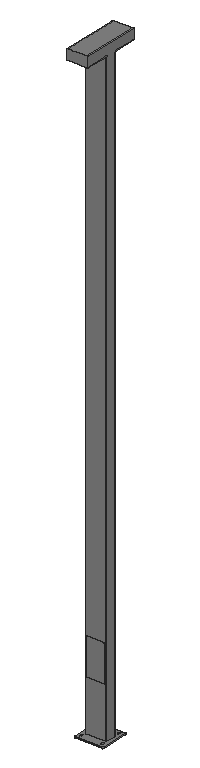
Revit family "Супремус В", category Осветительные приборы, Revit 2019 (continued)
Automatic sketch dimensions
  Extrusion 4 sketch curve to plane 23 = 0 mm
  plane 23 to Extrusion 4 sketch curve = 5 mm
  Extrusion 4 sketch curve to plane 3 "По центру (Влево/Вправо)" = 84 mm
  plane 3 "По центру (Влево/Вправо)" to Extrusion 4 sketch curve = 84 mm
  plane 21 to Extrusion 4 sketch curve = 5 mm
  Extrusion 1 sketch curve to plane 4 = 0 mm
  Extrusion 5 sketch curve to Sweep 3 = 30 mm
Nested families
  nested 1: "УГО план" at (0, 0, 0), type "УГО план"
Connectors
  electrical at (0, 0, 0), driven by "ADSK_Количество фаз", driven by "ADSK_Классификация нагрузок", driven by "ADSK_Напряжение", driven by "ADSK_Полная мощность"
    settings: on Extrusion 1, index 1, voltage 220 V, apparent load 0 VA, apparent load phase1 0 VA, apparent load phase2 0 VA, apparent load phase3 0 VA, power factor 1, load classification "Освещение", number of poles 2, system type 30, power factor state 1, is connector primary yes, connector utility no, sub classification motor no, connector description ""
  cabletrayconduit at (0, 0, 0), diameter 20, driven by "Короб_Диаметр"
    settings: on Extrusion 1, index 2, connector width 300 mm, connector height 300 mm, connector angle 0.00°, system type 32, placement type 0, profile type 0, connector reference index -1, is primary connector yes, connector utility param no, connector description ""
Definition of nested family "УГО план"
  Parameters (values of type "УГО план")
    Default Elevation = 1219.2 mm
    r_УГО = 250 mm
    l_Отступ линий = r_УГО * 0.52  # 130 mm
    d_УГО = r_УГО * 2  # 500 mm
  Reference planes
    plane 1 "По центру (Вперед/Назад)": y = 0
    plane 2: z = 0
    plane 3 "По центру (Влево/Вправо)": x = 0
    plane 4: y = 250
    plane 5: y = -250
    plane 6: x = -250
    plane 7: x = 250
    plane 8: x = -120
    plane 9: x = 120
  Lines and regions (mm)
    symbolic lines
      curve 1: circle (0, 0, 0) r 250 normal (0, 0, 1)
      curve 2: line (-120, 219.317, 0) -> (-120, -219.317, 0)
      curve 3: line (120, 219.317, 0) -> (120, -219.317, 0)
  Dimensions and locks
    equal spacing: plane 4, plane 1 "По центру (Вперед/Назад)", plane 5
    "d_УГО": plane 4 to plane 5
    equal spacing: plane 6, plane 3 "По центру (Влево/Вправо)", plane 7
    "d_УГО": plane 6 to plane 7
    "l_Отступ линий": plane 6 to plane 8
    "l_Отступ линий": plane 9 to plane 7
    "r_УГО": radius of curve 1
    aligned and locked: level to plane 2
    aligned and locked: plane 3 "По центру (Влево/Вправо)" to curve 1
    aligned and locked: plane 1 "По центру (Вперед/Назад)" to curve 1
    aligned and locked: curve 2 to plane 8
    aligned and locked: curve 3 to plane 9
Types (7, lengths in mm): name | Файл фотометрической сетки | built-in parameter 1150105 | Lumens | built-in parameter 1150106 | built-in parameter 1150142 | Wattage | L_общая рассеиватели | ADSK_Фактическая мощность | ADSK_Размер_Высота | ADSK_Номинальная мощность | ADSK_Наименование | ADSK_Масса_Текст | ADSK_Масса | ADSK_Артикул | 2
  (no name) | "DTU-121-AF Supremus B 60W 60°x130°.ies" | 909.18 (stored number, unit not read) | 13200 lm | 9.0918 (stored number, unit not read) | "IESNA:LM-63-1995\r\n[TEST]\t\tALF\r\n[MANUFAC]\tALFRESCO\r\n[LUMCAT]\tDTU-121-AF\r\n[LUMINAIRE]\tDTU-121-AF Supremus B 60W 60°x130°\r\n[LAMP]\t\tOsram_Duris_S8\r\n[DATE]\t\t\r\n[OTHER]\t\t\r\nTILT=NONE\r\n1 7011.0 7.011 361 72 1 2 0.23 0.10 0.00\r\n1.0 1 57.0\r\n0.0 0.5 1.0 1.5 2.0 2.5 3.0 3.5 4.0 4.5 5.0 5.5 6.0 6.5 7.0 7.5 8.0 8.5 9.0 9.5 10.0 10.5 11.0 11.5 12.0 12.5 13.0 13.5 14.0 14.5\r\n 15.0 15.5 16.0 16.5 17.0 17.5 18.0 18.5 19.0 19.5 20.0 20.5 21.0 21.5 22.0 22.5 23.0 23.5 24.0 24.5 25.0 25.5 26.0 26.5 27.0 27.5\r\n 28.0 28.5 29.0 29.5 30.0 30.5 31.0 31.5 32.0 32.5 33.0 33.5 34.0 34.5 35.0 35.5 36.0 36.5 37.0 37.5 38.0 38.5 39.0 39.5 40.0 40.5\r\n 41.0 41.5 42.0 42.5 43.0 43.5 44.0 44.5 45.0 45.5 46.0 46.5 47.0 47.5 48.0 48.5 49.0 49.5 50.0 50.5 51.0 51.5 52.0 52.5 53.0 53.5\r\n 54.0 54.5 55.0 55.5 56.0 56.5 57.0 57.5 58.0 58.5 59.0 59.5 60.0 60.5 61.0 61.5 62.0 62.5 63.0 63.5 64.0 64.5 65.0 65.5 66.0 66.5\r\n 67.0 67.5 68.0 68.5 69.0 69.5 70.0 70.5 71.0 71.5 72.0 72.5 73.0 73.5 74.0 74.5 75.0 75.5 76.0 76.5 77.0 77.5 78.0 78.5 79.0 79.5\r\n 80.0 80.5 81.0 81.5 82.0 82.5 83.0 83.5 84.0 84.5 85.0 85.5 86.0 86.5 87.0 87.5 88.0 88.5 89.0 89.5 90.0 90.5 91.0 91.5 92.0 92.5\r\n 93.0 93.5 94.0 94.5 95.0 95.5 96.0 96.5 97.0 97.5 98.0 98.5 99.0 99.5 100.0 100.5 101.0 101.5 102.0 102.5 103.0 103.5 104.0 104.5\r\n 105.0 105.5 106.0 106.5 107.0 107.5 108.0 108.5 109.0 109.5 110.0 110.5 111.0 111.5 112.0 112.5 113.0 113.5 114.0 114.5 115.0\r\n 115.5 116.0 116.5 117.0 117.5 118.0 118.5 119.0 119.5 120.0 120.5 121.0 121.5 122.0 122.5 123.0 123.5 124.0 124.5 125.0 125.5\r\n 126.0 126.5 127.0 127.5 128.0 128.5 129.0 129.5 130.0 130.5 131.0 131.5 132.0 132.5 133.0 133.5 134.0 134.5 135.0 135.5 136.0\r\n 136.5 137.0 137.5 138.0 138.5 139.0 139.5 140.0 140.5 141.0 141.5 142.0 142.5 143.0 143.5 144.0 144.5 145.0 145.5 146.0 146.5\r\n 147.0 147.5 148.0 148.5 149.0 149.5 150.0 150.5 151.0 151.5 152.0 152.5 153.0 153.5 154.0 154.5 155.0 155.5 156.0 156.5 157.0\r\n 157.5 158.0 158.5 159.0 159.5 160.0 160.5 161.0 161.5 162.0 162.5 163.0 163.5 164.0 164.5 165.0 165.5 166.0 166.5 167.0 167.5\r\n 168.0 168.5 169.0 169.5 170.0 170.5 171.0 171.5 172.0 172.5 173.0 173.5 174.0 174.5 175.0 175.5 176.0 176.5 177.0 177.5 178.0\r\n 178.5 179.0 179.5 180.0\r\n0.0 5.0 10.0 15.0 20.0 25.0 30.0 35.0 40.0 45.0 50.0 55.0 60.0 65.0 70.0 75.0 80.0 85.0 90.0 95.0 100.0 105.0 110.0 115.0 120.0\r\n 125.0 130.0 135.0 140.0 145.0 150.0 155.0 160.0 165.0 170.0 175.0 180.0 185.0 190.0 195.0 200.0 205.0 210.0 215.0 220.0 225.0\r\n 230.0 235.0 240.0 245.0 250.0 255.0 260.0 265.0 270.0 275.0 280.0 285.0 290.0 295.0 300.0 305.0 310.0 315.0 320.0 325.0 330.0\r\n 335.0 340.0 345.0 350.0 355.0 360.0\r\n275.6 275.6 275.4 275.4 275.1 275.0 274.6 274.5 274.0 273.6 273.1 272.6 272.1 271.6 271.2 270.5 269.9 269.3 268.8 268.0 267.4\r\n 266.9 266.3 265.6 265.0 264.5 264.1 263.6 263.2 263.0 262.7 262.5 262.4 262.4 262.3 262.4 262.5 262.8 263.1 263.2 263.6 264.1\r\n 264.6 265.1 265.7 266.3 266.8 267.5 268.0 268.6 269.3 270.0 270.6 271.4 272.2 272.9 274.0 274.8 275.8 276.8 277.9 279.0 280.1\r\n 281.1 282.3 283.5 284.7 286.1 287.2 288.5 289.8 291.2 292.5 294.0 295.6 296.9 298.3 299.9 301.1 302.3 303.8 305.3 307.0 309.2\r\n 310.7 312.1 313.4 315.4 317.5 318.3 318.9 319.8 320.8 321.9 322.8 323.7 324.9 326.2 327.1 328.4 329.9 331.5 333.0 334.7 336.5\r\n 338.5 340.6 342.9 345.1 347.3 349.5 351.3 352.7 353.8 354.6 355.1 355.0 354.6 353.9 353.3 352.9 352.1 350.9 350.0 348.7 346.8\r\n 343.7 340.1 336.0 332.0 328.1 323.5 318.6 314.1 309.6 304.7 300.3 295.5 290.9 286.8 283.6 281.0 278.4 276.0 271.5 265.0 257.4\r\n 247.6 235.1 220.3 205.5 189.6 171.6 151.8 130.1 108.8 90.3 73.3 59.4 45.5 31.5 24.0 18.8 15.4 13.3 11.9 10.7 9.6 8.8 7.9 7.1 6.4\r\n 5.7 5.1 4.4 3.8 3.2 2.6 2.3 2.0 2.0 2.0 2.0 2.0 1.8 1.8 1.6 1.5 1.3 1.1 1.1 1.0 0.9 0.9 0.9 0.9 0.9 0.9 1.0 1.0 1.0 0.0 0.0 0.0\r\n 0.0 0.0 0.0 0.0 0.0 0.0 0.0 0.0 0.0 0.0 0.0 0.0 0.0 0.0 0.0 0.0 0.0 0.0 0.0 0.0 0.0 0.0 0.0 0.0 0.0 0.0 0.0 0.0 0.0 0.0 0.0 0.0\r\n 0.0 0.0 0.0 0.0 0.0 0.0 0.0 0.0 0.0 0.0 0.0 0.0 0.0 0.0 0.0 0.0 0.0 0.0 0.0 0.0 0.0 0.0 0.0 0.0 0.0 0.0 0.0 0.0 0.0 0.0 0.0 0.0\r\n 0.0 0.0 0.0 0.0 0.0 0.0 0.0 0.0 0.0 0.0 0.0 0.0 0.0 0.0 0.0 0.0 0.0 0.0 0.0 0.0 0.0 0.0 0.0 0.0 0.0 0.0 0.0 0.0 0.0 0.0 0.0 0.0\r\n 0.0 0.0 0.0 0.0 0.0 0.0 0.0 0.0 0.0 0.0 0.0 0.0 0.0 0.0 0.0 0.0 0.0 0.0 0.0 0.0 0.0 0.0 0.0 0.0 0.0 0.0 0.0 0.0 0.0 0.0 0.0 0.0\r\n 0.0 0.0 0.0 0.0 0.0 0.0 0.0 0.0 0.0 0.0 0.0 0.0 0.0 0.0 0.0 0.0 0.0 0.0 0.0 0.0 0.0 0.0 0.0 0.0 0.0 0.0 0.0 0.0 0.0\r\n275.6 275.8 276.0 276.1 276.0 276.0 276.0 275.8 275.6 275.4 275.2 275.0 274.6 274.4 274.0 273.7 273.1 272.7 272.5 272.2 271.6\r\n 271.3 270.9 270.4 270.1 269.8 269.6 269.5 269.4 269.3 269.3 269.3 269.5 269.6 269.9 270.2 270.3 270.5 271.1 271.7 272.2 272.8\r\n 273.5 274.2 274.8 275.5 276.2 276.9 277.6 278.4 279.1 279.8 280.4 281.3 282.1 283.0 284.0 284.8 285.9 287.0 288.1 289.3 290.2\r\n 291.4 292.5 294.0 295.3 296.4 297.8 299.2 300.5 301.9 303.5 305.3 306.9 308.6 310.5 312.2 314.0 316.1 318.2 320.4 322.7 325.4\r\n 327.9 330.2 332.3 335.0 337.3 338.6 339.9 341.3 342.8 344.4 345.3 346.3 347.8 349.5 351.3 353.4 355.6 358.0 360.0 362.1 364.4\r\n 366.6 368.9 371.0 373.3 375.5 377.8 379.6 381.5 382.8 383.9 384.9 385.4 385.3 385.1 385.1 384.7 384.1 382.7 381.0 378.8 376.3\r\n 373.0 368.5 363.7 358.7 353.8 348.2 342.3 336.7 330.6 324.5 319.0 314.1 310.2 306.7 304.3 302.4 300.6 298.2 293.4 286.7 277.8\r\n 266.5 251.9 234.3 216.2 198.9 180.1 159.7 138.7 117.6 96.5 78.5 62.9 47.8 36.5 28.1 21.8 17.8 15.1 13.2 11.7 10.5 9.5 8.6 7.6 6.8\r\n 6.1 5.5 4.9 4.5 4.0 3.5 3.0 2.5 2.3 2.2 2.0 1.9 1.7 1.6 1.5 1.4 1.2 1.0 1.0 0.9 0.8 0.8 0.8 0.9 0.9 0.9 0.9 0.9 1.0 0.0 0.0 0.0\r\n 0.0 0.0 0.0 0.0 0.0 0.0 0.0 0.0 0.0 0.0 0.0 0.0 0.0 0.0 0.0 0.0 0.0 0.0 0.0 0.0 0.0 0.0 0.0 0.0 0.0 0.0 0.0 0.0 0.0 0.0 0.0 0.0\r\n 0.0 0.0 0.0 0.0 0.0 0.0 0.0 0.0 0.0 0.0 0.0 0.0 0.0 0.0 0.0 0.0 0.0 0.0 0.0 0.0 0.0 0.0 0.0 0.0 0.0 0.0 0.0 0.0 0.0 0.0 0.0 0.0\r\n 0.0 0.0 0.0 0.0 0.0 0.0 0.0 0.0 0.0 0.0 0.0 0.0 0.0 0.0 0.0 0.0 0.0 0.0 0.0 0.0 0.0 0.0 0.0 0.0 0.0 0.0 0.0 0.0 0.0 0.0 0.0 0.0\r\n 0.0 0.0 0.0 0.0 0.0 0.0 0.0 0.0 0.0 0.0 0.0 0.0 0.0 0.0 0.0 0.0 0.0 0.0 0.0 0.0 0.0 0.0 0.0 0.0 0.0 0.0 0.0 0.0 0.0 0.0 0.0 0.0\r\n 0.0 0.0 0.0 0.0 0.0 0.0 0.0 0.0 0.0 0.0 0.0 0.0 0.0 0.0 0.0 0.0 0.0 0.0 0.0 0.0 0.0 0.0 0.0 0.0 0.0 0.0 0.0 0.0 0.0\r\n275.6 276.1 276.5 276.7 276.9 277.1 277.2 277.4 277.5 277.4 277.4 277.4 277.3 277.2 277.0 277.0 276.8 276.7 276.7 276.6 276.4\r\n 276.2 276.1 276.0 275.9 276.0 276.1 276.2 276.4 276.6 276.9 277.2 277.6 278.0 278.5 278.7 279.2 279.7 280.4 281.3 281.9 282.7\r\n 283.7 284.4 285.3 286.3 287.0 288.1 289.0 289.8 290.7 291.6 292.4 293.5 294.4 295.4 296.4 297.5 298.5 299.6 300.8 301.9 303.1\r\n 304.1 305.5 306.8 308.2 309.5 311.0 312.6 314.2 315.9 317.7 319.5 321.7 323.9 326.0 328.4 330.6 333.0 335.8 338.6 341.5 344.9\r\n 348.0 350.8 353.8 357.6 359.8 361.7 363.6 365.7 367.6 369.1 370.7 372.2 373.9 375.9 378.3 380.3 382.6 384.7 386.8 388.8 390.9\r\n 393.4 395.9 398.6 401.8 405.1 408.0 410.1 412.3 414.2 415.4 416.7 418.1 418.9 418.6 418.2 417.3 415.9 413.1 409.5 405.5 400.6\r\n 395.6 389.1 381.5 374.1 367.2 360.6 353.6 346.5 339.9 332.8 326.5 321.5 317.8 315.1 313.2 311.4 309.6 307.5 303.5 296.2 286.7\r\n 274.5 259.0 241.1 222.7 204.6 186.2 166.7 146.6 124.5 102.4 83.0 66.8 54.4 42.0 34.0 27.7 23.0 19.7 17.4 15.4 13.7 12.2 10.8 9.5\r\n 8.4 7.5 6.7 6.0 5.4 4.7 4.0 3.2 2.8 2.7 2.5 2.3 2.2 1.9 1.7 1.4 1.3 1.1 1.0 0.9 0.9 0.8 0.8 0.8 0.8 0.8 0.8 0.9 0.9 0.9 0.0 0.0\r\n 0.0 0.0 0.0 0.0 0.0 0.0 0.0 0.0 0.0 0.0 0.0 0.0 0.0 0.0 0.0 0.0 0.0 0.0 0.0 0.0 0.0 0.0 0.0 0.0 0.0 0.0 0.0 0.0 0.0 0.0 0.0 0.0\r\n 0.0 0.0 0.0 0.0 0.0 0.0 0.0 0.0 0.0 0.0 0.0 0.0 0.0 0.0 0.0 0.0 0.0 0.0 0.0 0.0 0.0 0.0 0.0 0.0 0.0 0.0 0.0 0.0 0.0 0.0 0.0 0.0\r\n 0.0 0.0 0.0 0.0 0.0 0.0 0.0 0.0 0.0 0.0 0.0 0.0 0.0 0.0 0.0 0.0 0.0 0.0 0.0 0.0 0.0 0.0 0.0 0.0 0.0 0.0 0.0 0.0 0.0 0.0 0.0 0.0\r\n 0.0 0.0 0.0 0.0 0.0 0.0 0.0 0.0 0.0 0.0 0.0 0.0 0.0 0.0 0.0 0.0 0.0 0.0 0.0 0.0 0.0 0.0 0.0 0.0 0.0 0.0 0.0 0.0 0.0 0.0 0.0 0.0\r\n 0.0 0.0 0.0 0.0 0.0 0.0 0.0 0.0 0.0 0.0 0.0 0.0 0.0 0.0 0.0 0.0 0.0 0.0 0.0 0.0 0.0 0.0 0.0 0.0 0.0 0.0 0.0 0.0 0.0 0.0\r\n275.6 276.3 276.8 277.3 277.7 278.4 278.7 279.0 279.3 279.6 279.8 280.0 280.2 280.4 280.6 280.6 280.9 281.1 281.3 281.5 281.7\r\n 281.7 282.0 282.2 282.4 282.8 283.3 283.5 284.0 284.6 285.2 285.8 286.4 287.0 287.5 288.1 288.9 289.7 290.6 291.5 292.4 293.5\r\n 294.5 295.7 296.8 298.0 299.1 300.1 301.3 302.4 303.6 304.8 306.0 306.9 308.0 309.1 310.2 311.3 312.6 313.7 314.9 315.9 317.0\r\n 318.3 319.5 320.8 322.5 324.0 325.7 327.5 329.4 331.3 333.5 335.8 338.3 341.0 343.7 346.8 349.9 352.9 356.0 359.2 362.4 365.5\r\n 369.0 372.3 375.2 379.1 381.7 383.3 385.5 387.7 389.9 392.0 394.2 396.4 399.0 402.0 404.7 407.5 410.5 413.1 415.5 418.2 420.7\r\n 423.2 425.5 427.8 430.1 433.0 435.6 437.9 439.5 441.0 442.1 442.9 443.2 443.5 443.3 442.0 439.9 436.6 432.7 427.8 422.8 416.7\r\n 409.6 401.5 392.6 382.9 372.3 362.7 353.2 344.9 336.4 327.6 319.6 313.1 308.1 304.8 301.6 298.0 295.3 293.3 290.2 285.5 278.1\r\n 268.9 257.0 241.8 225.0 207.5 190.2 174.2 157.5 137.7 117.8 98.0 80.6 66.7 54.7 44.5 36.9 30.9 26.3 23.0 20.5 18.1 16.0 14.2 12.7\r\n 11.3 10.1 8.9 7.9 6.8 5.8 5.0 4.4 3.7 3.2 2.8 2.6 2.3 2.0 1.8 1.6 1.3 1.1 0.9 0.9 0.8 0.7 0.7 0.7 0.7 0.8 0.8 0.8 0.8 0.8 0.0 0.0\r\n 0.0 0.0 0.0 0.0 0.0 0.0 0.0 0.0 0.0 0.0 0.0 0.0 0.0 0.0 0.0 0.0 0.0 0.0 0.0 0.0 0.0 0.0 0.0 0.0 0.0 0.0 0.0 0.0 0.0 0.0 0.0 0.0\r\n 0.0 0.0 0.0 0.0 0.0 0.0 0.0 0.0 0.0 0.0 0.0 0.0 0.0 0.0 0.0 0.0 0.0 0.0 0.0 0.0 0.0 0.0 0.0 0.0 0.0 0.0 0.0 0.0 0.0 0.0 0.0 0.0\r\n 0.0 0.0 0.0 0.0 0.0 0.0 0.0 0.0 0.0 0.0 0.0 0.0 0.0 0.0 0.0 0.0 0.0 0.0 0.0 0.0 0.0 0.0 0.0 0.0 0.0 0.0 0.0 0.0 0.0 0.0 0.0 0.0\r\n 0.0 0.0 0.0 0.0 0.0 0.0 0.0 0.0 0.0 0.0 0.0 0.0 0.0 0.0 0.0 0.0 0.0 0.0 0.0 0.0 0.0 0.0 0.0 0.0 0.0 0.0 0.0 0.0 0.0 0.0 0.0 0.0\r\n 0.0 0.0 0.0 0.0 0.0 0.0 0.0 0.0 0.0 0.0 0.0 0.0 0.0 0.0 0.0 0.0 0.0 0.0 0.0 0.0 0.0 0.0 0.0 0.0 0.0 0.0 0.0 0.0 0.0 0.0\r\n275.6 276.5 277.1 277.9 278.7 279.3 279.9 280.5 281.1 281.6 282.1 282.5 283.0 283.5 283.9 284.5 285.0 285.7 286.2 286.8 287.3\r\n 287.7 288.4 289.0 289.4 290.0 290.8 291.5 292.2 293.1 293.9 294.5 295.1 295.9 296.6 297.3 298.2 299.0 299.9 301.0 302.0 303.2\r\n 304.4 305.8 306.9 308.4 309.5 310.9 312.5 313.6 314.9 316.1 317.3 318.2 319.1 320.2 321.2 322.3 323.2 324.2 325.2 326.4 327.8\r\n 328.8 330.2 331.6 333.3 335.0 336.9 338.8 341.0 343.3 345.6 348.3 351.3 354.7 358.0 361.5 364.6 367.8 370.9 374.4 377.8 381.6\r\n 385.5 389.2 392.6 396.5 399.8 401.8 404.5 407.2 409.6 411.9 414.3 417.0 419.9 422.6 425.3 428.1 431.1 434.1 437.0 440.0 443.1\r\n 446.3 449.4 452.9 455.6 458.1 460.2 462.0 463.3 463.7 463.4 462.6 461.1 458.9 456.5 453.6 449.6 444.6 438.6 432.3 425.5 418.1\r\n 409.8 400.5 391.0 379.6 368.1 355.7 343.7 332.8 322.6 313.7 304.8 296.6 289.6 284.2 280.3 277.1 274.0 270.8 267.2 263.5 258.3\r\n 251.5 241.9 230.0 216.6 201.9 186.4 171.2 157.1 142.6 126.2 108.2 90.7 76.1 64.7 54.8 45.0 38.2 32.8 28.6 25.1 22.3 19.7 17.3\r\n 15.4 13.6 11.9 10.4 9.1 7.8 6.8 5.7 4.7 4.1 3.6 3.2 2.9 2.7 2.3 2.0 1.7 1.5 1.3 1.2 0.9 0.8 0.7 0.7 0.7 0.7 0.7 0.7 0.7 0.7 0.7\r\n 0.0 0.0 0.0 0.0 0.0 0.0 0.0 0.0 0.0 0.0 0.0 0.0 0.0 0.0 0.0 0.0 0.0 0.0 0.0 0.0 0.0 0.0 0.0 0.0 0.0 0.0 0.0 0.0 0.0 0.0 0.0 0.0\r\n 0.0 0.0 0.0 0.0 0.0 0.0 0.0 0.0 0.0 0.0 0.0 0.0 0.0 0.0 0.0 0.0 0.0 0.0 0.0 0.0 0.0 0.0 0.0 0.0 0.0 0.0 0.0 0.0 0.0 0.0 0.0 0.0\r\n 0.0 0.0 0.0 0.0 0.0 0.0 0.0 0.0 0.0 0.0 0.0 0.0 0.0 0.0 0.0 0.0 0.0 0.0 0.0 0.0 0.0 0.0 0.0 0.0 0.0 0.0 0.0 0.0 0.0 0.0 0.0 0.0\r\n 0.0 0.0 0.0 0.0 0.0 0.0 0.0 0.0 0.0 0.0 0.0 0.0 0.0 0.0 0.0 0.0 0.0 0.0 0.0 0.0 0.0 0.0 0.0 0.0 0.0 0.0 0.0 0.0 0.0 0.0 0.0 0.0\r\n 0.0 0.0 0.0 0.0 0.0 0.0 0.0 0.0 0.0 0.0 0.0 0.0 0.0 0.0 0.0 0.0 0.0 0.0 0.0 0.0 0.0 0.0 0.0 0.0 0.0 0.0 0.0 0.0 0.0 0.0 0.0 0.0\r\n275.6 276.8 277.7 278.6 279.6 280.4 281.3 282.3 283.0 283.9 284.7 285.5 286.3 287.1 288.0 288.9 289.8 290.8 291.8 292.5 293.3\r\n 294.1 294.9 295.9 296.6 297.5 298.2 299.1 299.9 300.9 301.7 302.5 303.2 304.0 304.8 305.6 306.5 307.3 308.3 309.4 310.5 311.6\r\n 313.1 314.2 315.5 316.7 318.1 319.2 320.7 321.9 323.1 324.3 325.3 326.3 327.4 328.3 329.1 330.1 330.9 332.0 333.0 334.1 335.5\r\n 336.7 338.1 339.5 341.2 342.8 344.8 347.1 349.4 351.9 354.6 357.6 360.8 364.0 367.0 370.3 373.8 377.5 381.5 385.2 388.9 392.5\r\n 396.3 399.9 403.7 407.6 411.2 414.3 417.3 420.5 423.1 425.7 428.1 430.6 433.8 436.9 440.2 443.8 447.1 450.6 454.2 457.3 460.4\r\n 463.4 465.7 468.6 471.4 474.0 476.3 477.9 479.0 479.3 477.8 474.9 471.3 466.5 461.7 456.5 450.4 444.2 438.4 431.7 423.9 415.8\r\n 407.8 398.9 388.6 377.5 366.1 354.0 342.0 330.3 318.1 306.5 295.8 285.8 276.5 267.0 258.7 251.0 244.9 239.2 233.6 228.2 222.4\r\n 215.5 207.3 198.4 188.9 178.9 169.1 159.2 148.6 135.9 123.3 110.6 96.7 82.9 71.7 62.1 53.2 45.6 39.2 34.1 30.0 26.5 23.4 20.8\r\n 18.3 15.7 13.8 12.1 10.7 9.4 8.0 7.0 6.2 5.1 4.2 3.5 3.2 3.0 2.6 2.2 2.0 1.8 1.6 1.4 1.2 1.1 0.9 0.7 0.6 0.6 0.6 0.6 0.6 0.7 0.7\r\n 0.0 0.0 0.0 0.0 0.0 0.0 0.0 0.0 0.0 0.0 0.0 0.0 0.0 0.0 0.0 0.0 0.0 0.0 0.0 0.0 0.0 0.0 0.0 0.0 0.0 0.0 0.0 0.0 0.0 0.0 0.0 0.0\r\n 0.0 0.0 0.0 0.0 0.0 0.0 0.0 0.0 0.0 0.0 0.0 0.0 0.0 0.0 0.0 0.0 0.0 0.0 0.0 0.0 0.0 0.0 0.0 0.0 0.0 0.0 0.0 0.0 0.0 0.0 0.0 0.0\r\n 0.0 0.0 0.0 0.0 0.0 0.0 0.0 0.0 0.0 0.0 0.0 0.0 0.0 0.0 0.0 0.0 0.0 0.0 0.0 0.0 0.0 0.0 0.0 0.0 0.0 0.0 0.0 0.0 0.0 0.0 0.0 0.0\r\n 0.0 0.0 0.0 0.0 0.0 0.0 0.0 0.0 0.0 0.0 0.0 0.0 0.0 0.0 0.0 0.0 0.0 0.0 0.0 0.0 0.0 0.0 0.0 0.0 0.0 0.0 0.0 0.0 0.0 0.0 0.0 0.0\r\n 0.0 0.0 0.0 0.0 0.0 0.0 0.0 0.0 0.0 0.0 0.0 0.0 0.0 0.0 0.0 0.0 0.0 0.0 0.0 0.0 0.0 0.0 0.0 0.0 0.0 0.0 0.0 0.0 0.0 0.0 0.0 0.0\r\n275.6 276.9 278.1 279.3 280.4 281.6 282.6 283.9 285.1 286.2 287.2 288.6 289.6 290.9 292.1 293.5 294.5 295.9 297.0 298.0 298.9\r\n 300.1 301.1 302.1 303.0 303.8 304.7 305.8 306.9 307.7 308.6 309.4 310.2 311.1 311.7 312.4 313.3 314.1 315.2 316.3 317.5 318.7\r\n 320.0 321.4 322.9 324.0 325.4 326.6 327.8 328.8 329.8 330.7 331.5 332.4 333.2 334.0 335.0 335.6 336.4 337.7 338.3 339.4 340.6\r\n 341.8 343.0 344.5 345.9 347.8 349.7 352.1 354.5 357.1 360.0 363.2 366.4 369.5 372.7 375.8 379.2 382.5 386.2 389.8 392.9 396.3\r\n 399.6 403.4 407.6 412.4 416.8 420.7 424.4 428.7 432.0 434.6 437.4 440.2 443.4 447.0 451.0 454.6 458.2 461.2 464.1 467.4 470.9\r\n 474.5 477.9 480.3 482.1 482.9 482.6 481.5 480.4 479.0 476.8 473.5 469.4 464.3 458.9 453.1 447.3 440.2 432.1 424.6 416.8 408.5\r\n 399.1 389.3 379.7 369.3 358.1 346.1 333.5 321.0 308.5 295.5 282.5 270.1 257.5 244.9 232.9 221.4 209.8 198.6 188.4 180.3 172.3\r\n 164.8 157.7 151.2 144.3 136.7 128.2 119.8 111.6 103.1 94.0 84.8 75.9 67.6 60.5 53.6 47.1 41.0 35.9 31.7 28.0 24.8 21.9 19.5 17.1\r\n 14.9 13.0 11.4 10.0 8.6 7.6 6.8 6.1 5.2 4.5 4.1 3.8 3.5 3.1 2.7 2.4 2.1 2.0 1.7 1.5 1.2 1.0 0.9 0.8 0.7 0.6 0.5 0.4 0.3 0.1 0.0\r\n 0.0 0.0 0.0 0.0 0.0 0.0 0.0 0.0 0.0 0.0 0.0 0.0 0.0 0.0 0.0 0.0 0.0 0.0 0.0 0.0 0.0 0.0 0.0 0.0 0.0 0.0 0.0 0.0 0.0 0.0 0.0 0.0\r\n 0.0 0.0 0.0 0.0 0.0 0.0 0.0 0.0 0.0 0.0 0.0 0.0 0.0 0.0 0.0 0.0 0.0 0.0 0.0 0.0 0.0 0.0 0.0 0.0 0.0 0.0 0.0 0.0 0.0 0.0 0.0 0.0\r\n 0.0 0.0 0.0 0.0 0.0 0.0 0.0 0.0 0.0 0.0 0.0 0.0 0.0 0.0 0.0 0.0 0.0 0.0 0.0 0.0 0.0 0.0 0.0 0.0 0.0 0.0 0.0 0.0 0.0 0.0 0.0 0.0\r\n 0.0 0.0 0.0 0.0 0.0 0.0 0.0 0.0 0.0 0.0 0.0 0.0 0.0 0.0 0.0 0.0 0.0 0.0 0.0 0.0 0.0 0.0 0.0 0.0 0.0 0.0 0.0 0.0 0.0 0.0 0.0 0.0\r\n 0.0 0.0 0.0 0.0 0.0 0.0 0.0 0.0 0.0 0.0 0.0 0.0 0.0 0.0 0.0 0.0 0.0 0.0 0.0 0.0 0.0 0.0 0.0 0.0 0.0 0.0 0.0 0.0 0.0 0.0 0.0\r\n275.6 277.0 278.4 279.8 281.3 282.5 284.0 285.3 286.9 288.4 289.8 291.3 293.1 294.4 296.1 297.6 299.3 300.6 301.8 303.1 304.3\r\n 305.4 306.5 307.7 308.6 309.5 310.5 311.6 312.7 313.5 314.2 315.0 316.1 317.0 318.0 319.1 320.3 321.4 322.7 323.3 324.3 325.4\r\n 326.1 327.0 327.9 328.9 330.0 330.9 332.0 332.9 333.5 334.5 335.4 335.9 336.5 337.4 338.2 339.1 340.1 341.2 342.4 343.5 345.0\r\n 346.3 348.0 349.8 351.9 354.1 356.6 359.5 362.2 365.2 368.3 371.5 374.6 377.2 379.9 382.9 3
